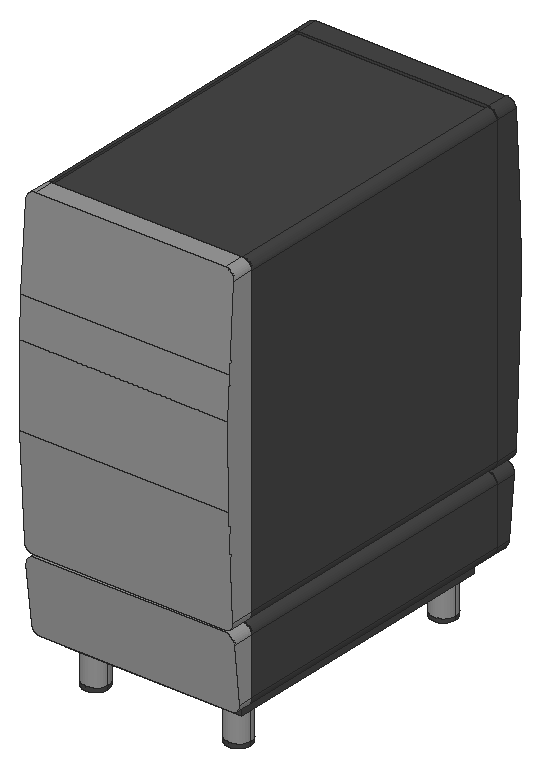
Revit family "Franke_Kühleinheit_SU05_CM-A600_FM_CM", category Sonderausstattung, Revit 2015
Parameters (values of type "Kühleinheit SU05 CM - A600 FM CM(220-240V/anthrazit/EU)")
  URL = "http://www.franke.com/main/de/cs/produkte/produktsuche/produktsuche.html#akCache=true&p=1&t=grid&f=cat14_3210"
  Tiefe = 475 mm
  Temperaturberecih = "+ 3° C bis +8° C"
  Spannung min. = 220 V
  Spannung max. = 240 V
  Sicherung = "16 A"
  Netzfrequenz alternativ = 60 Hz
  Netzfrequenz = 50 Hz
  Modell = "410873 - Kühleinheit SU05 CM - A600 FM CM"
  Milchvorrat = "5 l"
  Leistung min. = 1900 W
  Leistung max. = 2300 W
  Kosten = 0
  Höhe = 585 mm
  Hersteller = "Franke"
  Energieverlust nach DIN18873 = "0.460 kWh/24 h - 230 V"
  Breite = 270 mm
  Beschreibung = "Beistellgerät Kühleinheit SU05 dient zum Aufbewahren von vorgekühlter Milch"
  Assembly Code = "Beistellgerät Kühleinheit SU05"
  Keynote = "Beistellgerät Kühleinheit SU05"
  Aufstellgewicht = "25 kg"
  Anzahl von Polen = 1
  Anzahl der Schutzleiter = "1"
  Anzahl der Nullleiter = "1"
  Abdeckung = Franke Anthrazit
Types (3, lengths in mm): name | Abdeckung
  (no name) | Franke Anthrazit
  Kühleinheit SU05 CM - A600 FM CM(220-240V/black line/EU) | Franke Black
  Kühleinheit SU05 CM - A600 FM CM(220-240V/anthrazit/EU) | Franke Anthrazit
Reference planes
  plane 1 "Mitte (Vorne/Hinten)": y = 0
  plane 2: z = 0
  plane 3 "Mitte (Links/Rechts)": x = 0
Forms (mm)
  Extrusion 1, solid, material "Franke Black"
    sketch origin (0, 0, 0) x (1, 0, 0) y (0, 0, 1)
      loop
        line (123, 586) -> (-123, 586)
        arc (-123, 586) -> (-131.485, 582.485) -> (-135, 574) r 12
        line (-135, 574) -> (-135, 178)
        arc (-135, 178) -> (-131.485, 169.515) -> (-123, 166) r 12
        line (-123, 166) -> (123, 166)
        arc (123, 166) -> (131.485, 169.515) -> (135, 178) r 12
        line (135, 178) -> (135, 574)
        arc (135, 574) -> (131.485, 582.485) -> (123, 586) r 12
      loop
        arc (-135, 78) -> (-131.485, 69.515) -> (-123, 66) r 12
        line (-123, 66) -> (123, 66)
        arc (123, 66) -> (131.485, 69.515) -> (135, 78) r 12
        line (135, 78) -> (135, 151)
        arc (135, 151) -> (131.485, 159.485) -> (123, 163) r 12
        line (123, 163) -> (-123, 163)
        arc (-123, 163) -> (-131.485, 159.485) -> (-135, 151) r 12
        line (-135, 151) -> (-135, 78)
    from -198.03 to 198.03
  Extrusion 2, solid, material "Franke Black"
    sketch origin (0, 0, 0) x (1, 0, 0) y (0, 0, 1)
      loop
        line (-114, 66) -> (-114, 46) -> (114, 46) -> (114, 66) -> (-114, 66)
    from -186.97 to 188.03
  Extrusion 3, solid, material "Franke Anthrazit" <- "Abdeckung"
    sketch origin (0, 0, 0) x (0, 1, 0) y (0, 0, 1)
      loop
        line (-199.53, 586) -> (-226.03, 586)
        arc (-226.03, 586) -> (-230.318, 527.256) -> (-234.387, 468.497) r 15843.742
        arc (-234.387, 468.497) -> (-235.812, 442.176) -> (-236.543, 415.826) r 1000
        arc (-236.543, 415.826) -> (-236.783, 362.852) -> (-235.96, 309.883) r 2640.505
        arc (-235.96, 309.883) -> (-232.928, 237.872) -> (-227.52, 166) r 2182.336
        line (-227.52, 166) -> (-199.53, 166) -> (-199.53, 586)
      loop
        arc (-227.242, 163) -> (-222.173, 114.438) -> (-216.03, 66) r 2207.212
        line (-216.03, 66) -> (-199.53, 66) -> (-199.53, 163) -> (-227.242, 163)
    from -135 to 135
  Extrusion 4, solid, material "Franke Black"
    sketch origin (0, 0, 0) x (1, 0, 0) y (0, 0, 1)
      loop
        line (-120, 576) -> (-120, 66) -> (120, 66) -> (120, 576) -> (-120, 576)
    from 198.03 to 199.53
  Extrusion 5, solid, material "Franke Black"
    sketch origin (0, 397.56, 0) x (1, 0, 0) y (0, 0, 1)
      loop
        line (-120, 576) -> (-120, 66) -> (120, 66) -> (120, 576) -> (-120, 576)
    from 198.03 to 199.53
  Extrusion 6, solid, material "Franke Black"
    sketch origin (0, 0, 0) x (1, 0, 0) y (0, 1, 0)
      loop
        line (-107.375, 116.841) -> (-107.375, 95.391) -> (-90.625, 95.391) -> (-90.625, 116.841) -> (-107.375, 116.841)
      loop
        line (-107.375, -98.159) -> (-107.375, -119.609) -> (-90.625, -119.609) -> (-90.625, -98.159) -> (-107.375, -98.159)
      loop
        line (107.375, 116.841) -> (90.625, 116.841) -> (90.625, 95.391) -> (107.375, 95.391) -> (107.375, 116.841)
      loop
        line (107.375, -98.159) -> (90.625, -98.159) -> (90.625, -119.609) -> (107.375, -119.609) -> (107.375, -98.159)
    from 42 to 46
  Extrusion 7, solid, material "Franke Black"
    sketch origin (0, 0, 0) x (0, 1, 0) y (0, 0, 1)
      loop
        line (228.03, 586) -> (199.53, 586) -> (199.53, 166) -> (227.909, 166)
        arc (227.909, 166) -> (234.785, 268.409) -> (237.114, 371.022) r 2314.482
        arc (237.114, 371.022) -> (237.115, 384.228) -> (237.104, 397.434) r 15169.055
        arc (237.104, 397.434) -> (236.381, 442.975) -> (234.325, 488.477) r 1555
        arc (234.325, 488.477) -> (231.291, 537.246) -> (228.03, 586) r 10528.092
      loop
        line (199.53, 66) -> (216.03, 66)
        arc (216.03, 66) -> (222.776, 114.386) -> (227.62, 163) r 1246.054
        line (227.62, 163) -> (199.53, 163) -> (199.53, 66)
    from -135 to 135
  Extrusion 8, void
    sketch origin (0, 0, 0) x (1, 0, 0) y (0, 0, 1)
      loop
        line (-123, 586) -> (-123, 596) -> (-145, 596) -> (-145, 574) -> (-135, 574)
        arc (-135, 574) -> (-131.485, 582.485) -> (-123, 586) r 12
      loop
        arc (123, 586) -> (131.485, 582.485) -> (135, 574) r 12
        line (135, 574) -> (145, 574) -> (145, 596) -> (123, 596) -> (123, 586)
      loop
        arc (-123, 166) -> (-131.485, 169.515) -> (-135, 178) r 12
        line (-135, 178) -> (-145, 178) -> (-145, 151) -> (-135, 151)
        arc (-135, 151) -> (-131.485, 159.485) -> (-123, 163) r 12
        line (-123, 163) -> (-123, 166)
      loop
        line (123, 66) -> (123, 56) -> (145, 56) -> (145, 78) -> (135, 78)
        arc (135, 78) -> (131.485, 69.515) -> (123, 66) r 12
      loop
        arc (-123, 66) -> (-131.485, 69.515) -> (-135, 78) r 12
        line (-135, 78) -> (-145, 78) -> (-145, 56) -> (-123, 56) -> (-123, 66)
      loop
        line (123, 166) -> (123, 163)
        arc (123, 163) -> (131.485, 159.485) -> (135, 151) r 12
        line (135, 151) -> (145, 151) -> (145, 178) -> (135, 178)
        arc (135, 178) -> (131.485, 169.515) -> (123, 166) r 12
    from -299.15 to 303.805
  Extrusion 9, solid, material "Franke Stahl, verchromt"
    sketch origin (0, 0, 0) x (1, 0, 0) y (0, 1, 0)
      loop
        circle (-92.5, 165.116) r 16
      loop
        circle (-92.5, -166.823) r 16
      loop
        circle (92.5, 165.116) r 16
      loop
        circle (92.5, -166.823) r 16
    from 5 to 46
  Extrusion 10, solid, material "Franke Stahl, verchromt"
    sketch origin (0, 0, 42) x (1, 0, 0) y (0, 1, 0)
      loop
        circle (0, 157.898) r 2.5
    from 0 to 4
  Extrusion 11, solid, material "Franke Black"
    sketch origin (0, 0, 0) x (0, -1, 0) y (1, 0, 0)
      loop
        circle (-165.116, -92.5) r 16
      loop
        circle (166.823, -92.5) r 16
      loop
        circle (-165.116, 92.5) r 16
      loop
        circle (166.823, 92.5) r 16
    from 0 to 5
  Extrusion 12, void
    sketch origin (-1311.638, -464.12, 0) x (1, 0, 0) y (0, 1, 0)
      loop
        line (1188.638, 262.562) -> (1434.638, 262.562) -> (1434.638, 666.304) -> (1188.638, 666.304) -> (1188.638, 262.562)
    from 584 to 662.067
Cuts and joins
  Extrusion 8 cuts Extrusion 7
  Extrusion 8 cuts Extrusion 3
  Extrusion 12 cuts Extrusion 1
Dimensions and locks
  aligned and locked: level to plane 2
Connectors
  electrical at (0, 157.898, 42), driven by "Anzahl von Polen", driven by "Spannung max."
    settings: on Extrusion 10, index 2, voltage 240 V, apparent load 0 VA, apparent load phase1 0 VA, apparent load phase2 0 VA, apparent load phase3 0 VA, power factor 1, load classification "Strom", number of poles 1, system type 31, power factor state 1, is connector primary yes, connector utility no, sub classification motor no, connector description ""
